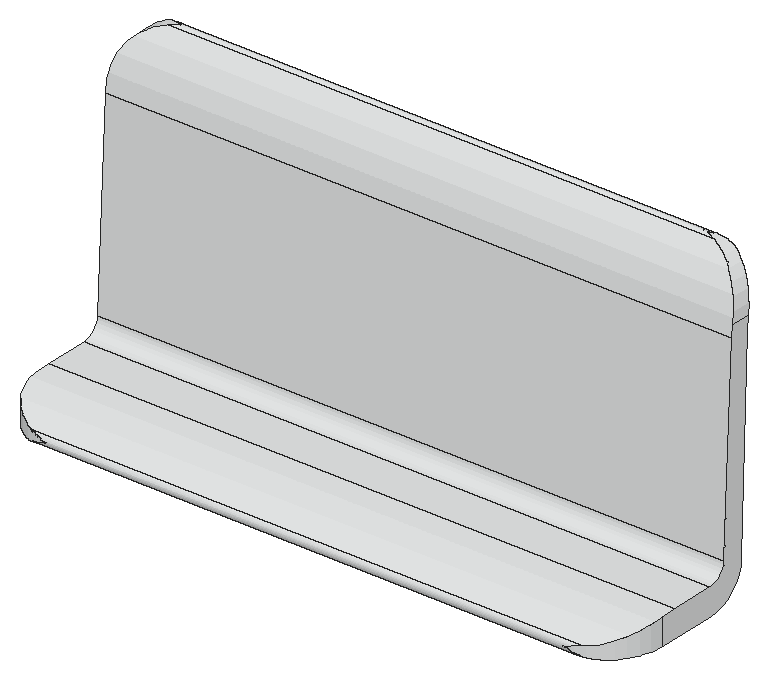
Revit family "Accessory-Shower_Shelf-KOHLER-CHOREOGRAPH-K-97621_1", category Specialty Equipment, host Face, Revit 2017
Family settings
  Host = Face
  Round Connector Dimension = Use Diameter
  Part Type = Normal
  OmniClass Number = 23.31.25.00
  OmniClass Title = Toilet and Bath Specialties
  Cut with Voids When Loaded = No
  Shared = No
  Room Calculation Point = No
Parameters (values of type "SHP-Bright Polished Silver")
  Width = 7"  # constant formula
  WaterSense Certified = 1 = 0  # no
  URL = "https://www.us.kohler.com/us/"
  Type = 1
  Product Page URL = "http://www.us.kohler.com/us/catalog/productDetails.jsp?productId=97621"
  Product Name = "CHOREOGRAPH\r\n"  # constant formula
  Product Documentation Link = "https://www.us.kohler.com/webassets/kpna/catalog/pdf/en/K-97621_spec_US-CA_Kohler_en.pdf"
  Model = if(Type = 1, "K-97621-SHP", if(Type = 2, "K-97621-BNK", if(Type = 3, "K-97621-ABZ", if(Type = 4, "K-97621-BL", "NA"))))  # "K-97621-SHP"
  Material = "Anodized Aluminium"  # constant formula
  Master Format 2014 Name = "Toilet, Bath, and Laundry Accessories"  # constant formula
  Master Format 2014 = "10 28 00"  # constant formula
  Manufacturer Address = "444 Highland Dr, Kohler, WI 53044"  # constant formula
  Manufacturer = "KOHLER Co."  # constant formula
  Length = 3 99/256"  # constant formula
  Height = 2 55/256"  # constant formula
  Finish = Kohler-Metal-SHP-Bright_Polished_Silver
  Environmental Product Declaration = ""
  Description = "7 Inch floating shower shelf"  # constant formula
  Default Elevation = 42"
  Declare Label = ""
  Date Modified = "09/16/2021"  # constant formula
  Date Created = "09/16/2021"  # constant formula
  Copyright = "Copyright KOHLER Co."  # constant formula
  Contact Us = "https://www.us.kohler.com/us/static/contact.jsp"
  Assembly Code = "C1030200"
  ADA Compliant = 1 = 0  # no
Types (5): name | Type | Model | Finish
  (no name) | 1 | "K-97621-SHP" | Kohler-Metal-SHP-Bright_Polished_Silver
  SHP-Bright Polished Silver | 1 | "K-97621-SHP" | Kohler-Metal-SHP-Bright_Polished_Silver
  BNK-Anodized Brushed Nickel | 2 | "K-97621-BNK" | Kohler-Metal-BNK-Anodized_Brushed_Nickel
  ABZ-Anodized Dark Bronze | 3 | "K-97621-ABZ" | Kohler-Metal-ABZ-Anodized_Dark_Bronze
  BL-Matte Black | 4 | "K-97621-BL" | Kohler-Metal-BL-Matte_Black
Reference planes (in)
  plane 1 "Center (Front/Back)": y = 0
  plane 2: z = 0
  plane 3 "Center (Left/Right)": x = 0
  plane 4: x = 3.5
  plane 5: x = -3.5
  plane 6: y = 2.21484
  plane 7: z = 3.38672
  plane 8: y = 2.00909
Dimensions and locks (in)
  "Width": plane 5 to plane 4
  "Height": plane 1 "Center (Front/Back)" to plane 6
  "Length": level to plane 7
  aligned and locked: plane 2 to host face
  aligned and locked: level to host face
Automatic sketch dimensions
  host sketch curve to host sketch curve = 96"  (x2)
Nested families (in)
  nested 1: "K-97621" at (0, 2.23056, 0) x (-1, 0, 0) z (0, 0, 1), type "K-97621"
Definition of nested family "K-97621"
  Parameters (values of type "K-97621")
    Material = none
  Reference planes (in)
    plane 1 "Center (Front/Back)": y = 0.01616
    plane 2: z = 0
    plane 3 "Center (Left/Right)": x = 0
    plane 4: x = 3.5
    plane 5: x = -3.5
    plane 6: y = 2.22934
    plane 7: y = 0.22146
    plane 8: z = 3.38583
  Forms (in)
    Extrusion 1, solid, material <- "Material", detail levels medium+fine
      sketch origin (0, 2.43575, 0) x (0, -1, 0) y (0, 0, 1)
        loop
          line (0.26986, 0) -> (1.50899, 0)
          arc (1.50899, 0) -> (1.80288, 0.11874) -> (1.93181, 0.40831) r 0.42307
          line (1.93181, 0.40831) -> (2.00992, 2.64508)
          arc (2.00992, 2.64508) -> (2.06553, 2.98069) -> (2.20512, 3.29092) r 1.31913
          arc (2.20512, 3.29092) -> (2.19006, 3.37292) -> (2.10694, 3.36641) r 0.06225
          arc (2.10694, 3.36641) -> (1.89196, 3.0399) -> (1.80322, 2.65917) r 1.11238
          line (1.80322, 2.65917) -> (1.68892, 0.47813)
          arc (1.68892, 0.47813) -> (1.6306, 0.35162) -> (1.50121, 0.3) r 0.18797
          line (1.50121, 0.3) -> (1.00414, 0.3)
          arc (1.00414, 0.3) -> (0.61243, 0.25463) -> (0.24146, 0.12092) r 1.71359
          arc (0.24146, 0.12092) -> (0.20775, 0.04921) -> (0.26986, 0) r 0.06379
      from -3.5 to 3.5
    Extrusion 2, void
      sketch origin (0, 2.43575, -0.33219) x (-1, 0, 0) y (0, 0, 1)
        loop
          arc (-3.5, 3.12293) -> (-3.3257, 3.54372) -> (-2.90492, 3.71801) r 0.59508
          line (-2.90492, 3.71801) -> (-3.65492, 3.71801) -> (-3.65492, 3.12293) -> (-3.5, 3.12293)
        loop
          line (3.5, 3.12293) -> (3.70723, 3.12293) -> (3.70723, 3.71801) -> (2.90492, 3.71801)
          arc (2.90492, 3.71801) -> (3.3257, 3.54372) -> (3.5, 3.12293) r 0.59508
      from -2.50197 to -1.5671
    Extrusion 3, void
      sketch origin (0, 2.43575, 0) x (-1, 0, 0) y (0, -1, 0)
        loop
          arc (-2.88674, 0.20565) -> (-3.32038, 0.38527) -> (-3.5, 0.81891) r 0.61326
          line (-3.5, 0.81891) -> (-4, 0.81891) -> (-4, -0.18109) -> (-2.88674, -0.18109) -> (-2.88674, 0.20565)
        loop
          line (2.88674, 0.20565) -> (2.88674, -0.18109) -> (4.06357, -0.18109) -> (4.06357, 0.81891) -> (3.5, 0.81891)
          arc (3.5, 0.81891) -> (3.32038, 0.38527) -> (2.88674, 0.20565) r 0.61326
      from -0.1425 to 0.39189
    Sweep 4, solid, material <- "Material", detail levels medium+fine
      path origin (0, 2.43575, 0) x (0, -1, 0) y (0, 0, 1)
        loop
          line (2.0428, 2.89525) -> (1.93575, 0.41271)
      profile origin (0, 0.50001, 0.41271) x (0, -0.999072, -0.043082) y (-1, 0, 0)
        loop
          arc (0.30266, 1.99203) -> (0.28488, 1.9965) -> (0.26895, 1.98741) r 0.02457
          line (0.26895, 1.98741) -> (0.02888, 1.68425)
          arc (0.02888, 1.68425) -> (-0.00012, 1.60017) -> (0.02979, 1.51641) r 0.13426
          line (0.02979, 1.51641) -> (0.27127, 1.2182)
          arc (0.27127, 1.2182) -> (0.27747, 1.20071) -> (0.27127, 1.18321) r 0.02781
          line (0.27127, 1.18321) -> (0.02937, 0.88448)
          arc (0.02937, 0.88448) -> (-0.00047, 0.80022) -> (0.02937, 0.71596) r 0.13389
          line (0.02937, 0.71596) -> (0.27077, 0.41785)
          arc (0.27077, 0.41785) -> (0.27704, 0.40014) -> (0.27077, 0.38243) r 0.02815
          line (0.27077, 0.38243) -> (0.03006, 0.08517)
          arc (0.03006, 0.08517) -> (-0.0001, 0) -> (0.03006, -0.08517) r 0.13534
          line (0.03006, -0.08517) -> (0.27077, -0.38243)
          arc (0.27077, -0.38243) -> (0.27704, -0.40014) -> (0.27077, -0.41785) r 0.02815
          line (0.27077, -0.41785) -> (0.02937, -0.71596)
          arc (0.02937, -0.71596) -> (-0.00047, -0.80022) -> (0.02937, -0.88448) r 0.13389
          line (0.02937, -0.88448) -> (0.27127, -1.18321)
          arc (0.27127, -1.18321) -> (0.27747, -1.20071) -> (0.27127, -1.2182) r 0.02781
          line (0.27127, -1.2182) -> (0.02979, -1.51641)
          arc (0.02979, -1.51641) -> (-0.00012, -1.60017) -> (0.02888, -1.68425) r 0.13426
          line (0.02888, -1.68425) -> (0.26895, -1.98741)
          arc (0.26895, -1.98741) -> (0.28488, -1.9965) -> (0.30266, -1.99203) r 0.02457
          line (0.30266, -1.99203) -> (0.33248, -1.97034)
          arc (0.33248, -1.97034) -> (0.34069, -1.95693) -> (0.33701, -1.94164) r 0.02054
          line (0.33701, -1.94164) -> (0.1009, -1.61703)
          arc (0.1009, -1.61703) -> (0.09574, -1.60042) -> (0.10176, -1.58409) r 0.02705
          line (0.10176, -1.58409) -> (0.34989, -1.27767)
          arc (0.34989, -1.27767) -> (0.37715, -1.20071) -> (0.34989, -1.12374) r 0.1223
          line (0.34989, -1.12374) -> (0.10201, -0.81762)
          arc (0.10201, -0.81762) -> (0.09584, -0.80022) -> (0.10201, -0.78281) r 0.02766
          line (0.10201, -0.78281) -> (0.35001, -0.47655)
          arc (0.35001, -0.47655) -> (0.37707, -0.40014) -> (0.35001, -0.32373) r 0.12141
          line (0.35001, -0.32373) -> (0.10243, -0.01799)
          arc (0.10243, -0.01799) -> (0.09606, 0) -> (0.10243, 0.01799) r 0.02858
          line (0.10243, 0.01799) -> (0.35001, 0.32373)
          arc (0.35001, 0.32373) -> (0.37707, 0.40014) -> (0.35001, 0.47655) r 0.12141
          line (0.35001, 0.47655) -> (0.10201, 0.78281)
          arc (0.10201, 0.78281) -> (0.09584, 0.80022) -> (0.10201, 0.81762) r 0.02766
          line (0.10201, 0.81762) -> (0.34989, 1.12374)
          arc (0.34989, 1.12374) -> (0.37715, 1.20071) -> (0.34989, 1.27767) r 0.1223
          line (0.34989, 1.27767) -> (0.10176, 1.58409)
          arc (0.10176, 1.58409) -> (0.09574, 1.60042) -> (0.1009, 1.61703) r 0.02705
          line (0.1009, 1.61703) -> (0.33701, 1.94164)
          arc (0.33701, 1.94164) -> (0.34069, 1.95693) -> (0.33248, 1.97034) r 0.02054
          line (0.33248, 1.97034) -> (0.30266, 1.99203)
    Extrusion 5, solid, material <- "Material", detail levels coarse
      sketch origin (0, 0, 0) x (0, 1, 0) y (0, 0, 1)
        loop
          line (2.22934, 0) -> (2.22934, 0.30052) -> (0.7661, 0.30052) -> (0.63306, 3.38583) -> (0.37161, 3.38583) -> (0.51762, 0) -> (2.22934, 0)
      from -3.5 to 3.5
    Extrusion 6, solid, material <- "Material", detail levels coarse
      sketch origin (0, 0, 0) x (0, 1, 0) y (0, 0, 1)
        loop
          line (0.01616, 2.87901) -> (0.12321, 0.39647) -> (0.49982, 0.41271) -> (0.39277, 2.89525) -> (0.01616, 2.87901)
      from -2.00195 to 1.99914
  Cuts and joins
    Extrusion 2, Extrusion 3 cuts Extrusion 1
    joined: Extrusion 5, Extrusion 6
  Lines and regions (in)
    Masking region 1
      outline origin (0, 0, 0) x (0, 1, 0) y (0, 0, 1)
        loop
          arc (0.63268, 2.65926) -> (0.62459, 2.74692) -> (0.60961, 2.83366) r 1.11238
          spline (0.60961, 2.83366) -> (0.59544, 2.89215) -> (0.57846, 2.94876) -> (0.55882, 3.00349) -> (0.53682, 3.05609) -> (0.51291, 3.10607) -> (0.48749, 3.1531) -> (0.46097, 3.19704) -> (0.43383, 3.23778) -> (0.40656, 3.27512) -> (0.37973, 3.30892) -> (0.35387, 3.33912) -> (0.32925, 3.36594)
          arc (0.32925, 3.36594) -> (0.24598, 3.37314) -> (0.23059, 3.29099) r 0.06225
          arc (0.23059, 3.29099) -> (0.32675, 3.09985) -> (0.3893, 2.89524) r 1.26394
          line (0.3893, 2.89524) -> (0.01615, 2.87915) -> (0.12321, 0.39647) -> (0.50047, 0.41273) -> (0.39435, 2.8737)
          arc (0.39435, 2.8737) -> (0.40013, 2.84682) -> (0.40535, 2.81983) r 1.31913
          arc (0.40535, 2.81983) -> (0.41914, 2.7248) -> (0.42598, 2.62903) r 1.31913
          line (0.42598, 2.62903) -> (0.50353, 0.40831)
          arc (0.50353, 0.40831) -> (0.63245, 0.11874) -> (0.92635, 0) r 0.42307
          line (0.92635, 0) -> (1.66755, 0) -> (2.16705, 0)
          arc (2.16705, 0) -> (2.22934, 0.05002) -> (2.19395, 0.12164) r 0.06379
          spline (2.19395, 0.12164) -> (2.16706, 0.13788) -> (2.13672, 0.15388) -> (2.1031, 0.16955) -> (2.06644, 0.18478) -> (2.02696, 0.19947) -> (1.98492, 0.21353) -> (1.9406, 0.22686) -> (1.89427, 0.23939) -> (1.84624, 0.25103) -> (1.79681, 0.26171) -> (1.74631, 0.27135) -> (1.69504, 0.27981)
          arc (1.69504, 0.27981) -> (1.56429, 0.29494) -> (1.43276, 0.3) r 1.71359
          line (1.43276, 0.3) -> (0.93469, 0.3)
          arc (0.93469, 0.3) -> (0.80531, 0.35162) -> (0.74698, 0.47813) r 0.18797
          line (0.74698, 0.47813) -> (0.63268, 2.65926)
    Masking region 2
      outline origin (0, 0, 0) x (1, 0, 0) y (0, 1, 0)
        loop
          line (-3.5, 1.61684) -> (-3.5, 0.40151)
          spline (-3.5, 0.40151) -> (-3.49702, 0.3906) -> (-3.49114, 0.37889) -> (-3.48239, 0.36641) -> (-3.47081, 0.35323) -> (-3.45645, 0.33942) -> (-3.43939, 0.32504) -> (-3.4197, 0.31015) -> (-3.39748, 0.29483) -> (-3.37284, 0.27915) -> (-3.34588, 0.26319) -> (-3.31674, 0.24702) -> (-3.28556, 0.23071)
          arc (-3.28556, 0.23071) -> (-3.26489, 0.22392) -> (-3.24326, 0.22162) r 0.10298
          line (-3.24326, 0.22162) -> (-1.99672, 0.22162) -> (-1.99672, 0.08087) -> (-1.97033, 0.04461)
          spline (-1.97033, 0.04461) -> (-1.96866, 0.0426) -> (-1.96674, 0.04082) -> (-1.96462, 0.03929) -> (-1.96232, 0.03805) -> (-1.95988, 0.03711) -> (-1.95734, 0.03648) -> (-1.95474, 0.03619) -> (-1.95212, 0.03622) -> (-1.94953, 0.03659) -> (-1.94701, 0.03729) -> (-1.94459, 0.0383) -> (-1.94233, 0.0396)
          line (-1.94233, 0.0396) -> (-1.69231, 0.22162) -> (-1.49799, 0.22162) -> (-1.27747, 0.04321)
          arc (-1.27747, 0.04321) -> (-1.20071, 0.01605) -> (-1.12394, 0.04321) r 0.12205
          line (-1.12394, 0.04321) -> (-0.90342, 0.22162) -> (-0.6971, 0.22162) -> (-0.47655, 0.04319)
          spline (-0.47655, 0.04319) -> (-0.46538, 0.03515) -> (-0.45336, 0.02843) -> (-0.44067, 0.02311) -> (-0.42745, 0.01926) -> (-0.41388, 0.01694) -> (-0.40014, 0.01616) -> (-0.3864, 0.01694) -> (-0.37283, 0.01926) -> (-0.35961, 0.02311) -> (-0.34692, 0.02843) -> (-0.3349, 0.03515) -> (-0.32373, 0.04319)
          line (-0.32373, 0.04319) -> (-0.10318, 0.22162) -> (0.10318, 0.22162) -> (0.32373, 0.04319)
          spline (0.32373, 0.04319) -> (0.3349, 0.03515) -> (0.34692, 0.02843) -> (0.35961, 0.02311) -> (0.37283, 0.01926) -> (0.3864, 0.01694) -> (0.40014, 0.01616) -> (0.41388, 0.01694) -> (0.42745, 0.01926) -> (0.44067, 0.02311) -> (0.45336, 0.02843) -> (0.46538, 0.03515) -> (0.47655, 0.04319)
          line (0.47655, 0.04319) -> (0.6971, 0.22162) -> (0.90334, 0.22162) -> (1.12374, 0.04331)
          spline (1.12374, 0.04331) -> (1.13499, 0.03522) -> (1.14709, 0.02845) -> (1.15988, 0.02309) -> (1.17319, 0.01921) -> (1.18686, 0.01687) -> (1.20071, 0.01608) -> (1.21455, 0.01687) -> (1.22822, 0.01921) -> (1.24153, 0.02309) -> (1.25432, 0.02845) -> (1.26642, 0.03522) -> (1.27767, 0.04331)
          line (1.27767, 0.04331) -> (1.49807, 0.22162) -> (1.69185, 0.22162) -> (1.94164, 0.0401)
          spline (1.94164, 0.0401) -> (1.94391, 0.03867) -> (1.94635, 0.03754) -> (1.94892, 0.03675) -> (1.95157, 0.03629) -> (1.95425, 0.03618) -> (1.95693, 0.03643) -> (1.95955, 0.03702) -> (1.96207, 0.03795) -> (1.96445, 0.0392) -> (1.96664, 0.04074) -> (1.96862, 0.04256) -> (1.97034, 0.04463)
          line (1.97034, 0.04463) -> (1.99672, 0.08087) -> (1.99672, 0.22162) -> (3.23793, 0.22162)
          arc (3.23793, 0.22162) -> (3.26218, 0.22391) -> (3.28557, 0.2307) r 0.12958
          spline (3.28557, 0.2307) -> (3.3164, 0.24898) -> (3.34526, 0.26683) -> (3.37201, 0.28414) -> (3.39651, 0.30084) -> (3.41864, 0.31685) -> (3.43831, 0.33208) -> (3.45541, 0.34647) -> (3.46987, 0.35994) -> (3.4816, 0.37242) -> (3.49056, 0.38387) -> (3.49671, 0.39422) -> (3.5, 0.40342)
          line (3.5, 0.40342) -> (3.5, 1.61684)
          arc (3.5, 1.61684) -> (3.3311, 2.03949) -> (2.91744, 2.22934) r 0.61326
          line (2.91744, 2.22934) -> (-2.91744, 2.22934)
          arc (-2.91744, 2.22934) -> (-3.3311, 2.03949) -> (-3.5, 1.61684) r 0.61326
    Masking region 3
      outline origin (0, 0.01616, 0) x (1, 0, 0) y (0, 0, 1)
        loop
          line (-3.5, 2.79074) -> (-3.5, 0) -> (3.5, 0) -> (3.5, 2.79074)
          arc (3.5, 2.79074) -> (3.3257, 3.21153) -> (2.90492, 3.38583) r 0.59508
          line (2.90492, 3.38583) -> (-2.90492, 3.38583)
          arc (-2.90492, 3.38583) -> (-3.3257, 3.21153) -> (-3.5, 2.79074) r 0.59508
    symbolic lines, detail levels medium+fine
      curve 1: line (0, 0.1241, 2.88707) -> (0, 0.2313, 0.40113)
      curve 2: line (-1.99203, 0.07442, 0) -> (-1.97034, 0.04463, 0)
      curve 3: spline (-1.97034, 0.04463, 0) -> (-1.96862, 0.04256, 0) -> (-1.96664, 0.04074, 0) -> (-1.96445, 0.0392, 0) -> (-1.96207, 0.03795, 0) -> (-1.95955, 0.03702, 0) -> (-1.95693, 0.03643, 0) -> (-1.95425, 0.03618, 0) -> (-1.95157, 0.03629, 0) -> (-1.94892, 0.03675, 0) -> (-1.94635, 0.03754, 0) -> (-1.94391, 0.03867, 0) -> (-1.94164, 0.0401, 0)
      curve 4: line (-1.94164, 0.0401, 0) -> (-1.69185, 0.22162, 0)
      curve 5: spline (1.99203, 0.07442, 0) -> (1.9937, 0.07706, 0) -> (1.99503, 0.07989, 0) -> (1.99598, 0.08287, 0) -> (1.99655, 0.08594, 0) -> (1.99672, 0.08906, 0) -> (1.9965, 0.09218, 0) -> (1.99588, 0.09525, 0) -> (1.99487, 0.09821, 0) -> (1.99349, 0.10102, 0) -> (1.99177, 0.10363, 0) -> (1.98973, 0.106, 0) -> (1.98741, 0.10809, 0)
      curve 6: line (1.98741, 0.10809, 0) -> (1.84392, 0.22162, 0)
      curve 7: line (1.36139, 0.22162, 0) -> (1.2182, 0.10578, 0)
      curve 8: spline (1.2182, 0.10578, 0) -> (1.21565, 0.10394, 0) -> (1.2129, 0.1024, 0) -> (1.20999, 0.10118, 0) -> (1.20696, 0.1003, 0) -> (1.20385, 0.09976, 0) -> (1.20071, 0.09959, 0) -> (1.19756, 0.09976, 0) -> (1.19445, 0.1003, 0) -> (1.19142, 0.10118, 0) -> (1.18852, 0.1024, 0) -> (1.18576, 0.10394, 0) -> (1.18321, 0.10578, 0)
      curve 9: line (1.18321, 0.10578, 0) -> (1.04002, 0.22162, 0)
      curve 10: line (0.56042, 0.22162, 0) -> (0.41785, 0.10628, 0)
      curve 11: spline (0.41785, 0.10628, 0) -> (0.41526, 0.10442, 0) -> (0.41248, 0.10286, 0) -> (0.40954, 0.10163, 0) -> (0.40647, 0.10073, 0) -> (0.40333, 0.10019, 0) -> (0.40014, 0.10001, 0) -> (0.39695, 0.10019, 0) -> (0.39381, 0.10073, 0) -> (0.39075, 0.10163, 0) -> (0.3878, 0.10286, 0) -> (0.38502, 0.10442, 0) -> (0.38243, 0.10628, 0)
      curve 12: line (0.38243, 0.10628, 0) -> (0.23664, 0.22162, 0)
      curve 13: line (-0.23986, 0.22162, 0) -> (-0.38243, 0.10628, 0)
      curve 14: spline (-0.38243, 0.10628, 0) -> (-0.38502, 0.10442, 0) -> (-0.3878, 0.10286, 0) -> (-0.39075, 0.10163, 0) -> (-0.39381, 0.10073, 0) -> (-0.39695, 0.10019, 0) -> (-0.40014, 0.10001, 0) -> (-0.40333, 0.10019, 0) -> (-0.40647, 0.10073, 0) -> (-0.40954, 0.10163, 0) -> (-0.41248, 0.10286, 0) -> (-0.41526, 0.10442, 0) -> (-0.41785, 0.10628, 0)
      curve 15: line (-0.41785, 0.10628, 0) -> (-0.56042, 0.22162, 0)
      curve 16: line (-1.04002, 0.22162, 0) -> (-1.18321, 0.10578, 0)
      curve 17: spline (-1.18321, 0.10578, 0) -> (-1.18576, 0.10394, 0) -> (-1.18852, 0.1024, 0) -> (-1.19142, 0.10118, 0) -> (-1.19445, 0.1003, 0) -> (-1.19756, 0.09976, 0) -> (-1.20071, 0.09959, 0) -> (-1.20385, 0.09976, 0) -> (-1.20696, 0.1003, 0) -> (-1.20999, 0.10118, 0) -> (-1.2129, 0.1024, 0) -> (-1.21565, 0.10394, 0) -> (-1.2182, 0.10578, 0)
      curve 18: line (-1.2182, 0.10578, 0) -> (-1.36139, 0.22162, 0)
      curve 19: line (-1.84392, 0.22162, 0) -> (-1.98741, 0.10809, 0)
      curve 20: spline (-1.98741, 0.10809, 0) -> (-1.98973, 0.106, 0) -> (-1.99177, 0.10363, 0) -> (-1.99349, 0.10102, 0) -> (-1.99487, 0.09821, 0) -> (-1.99588, 0.09525, 0) -> (-1.9965, 0.09218, 0) -> (-1.99672, 0.08906, 0) -> (-1.99655, 0.08594, 0) -> (-1.99598, 0.08287, 0) -> (-1.99503, 0.07989, 0) -> (-1.9937, 0.07706, 0) -> (-1.99203, 0.07442, 0)
      curve 21: line (-1.99672, 0.22162, 0) -> (1.99672, 0.22162, 0)
      curve 22: line (-3.5, 0.60946, 0) -> (-3.16988, 0.32881, 0)
      curve 23: line (-3.16988, 0.32881, 0) -> (3.16988, 0.32881, 0)
      curve 24: line (3.16988, 0.32881, 0) -> (3.5, 0.60946, 0)
      curve 25: line (-3.16988, 0.32881, 0) -> (-3.28564, 0.23063, 0)
      curve 26: line (3.28564, 0.23063, 0) -> (3.16988, 0.32881, 0)
      curve 27: line (-1.99203, 0.01616, 2.88351) -> (-1.99203, 0.01616, 0.39967)
      curve 28: line (1.99203, 0.01616, 0.39967) -> (1.99203, 0.01616, 2.88351)
      curve 29: arc (0, 0.38911, 2.89609) -> (0, 0.39196, 2.88412) -> (0, 0.39471, 2.87212) r 1.40701
      curve 30: line (-3.5, 0.7661, 0) -> (3.5, 0.7661, 0)
      curve 31: line (-1.68425, 0.01616, 2.89401) -> (-1.99203, 0.01616, 2.88351)
      curve 32: line (-1.94164, 0.01616, 2.88074) -> (-1.60023, 0.01616, 2.89143)
      curve 33: spline (-1.51641, 0.01616, 2.89397) -> (-1.52866, 0.01616, 2.89435) -> (-1.54182, 0.01616, 2.89467) -> (-1.55574, 0.01616, 2.89492) -> (-1.57022, 0.01616, 2.89511) -> (-1.5851, 0.01616, 2.89522) -> (-1.60017, 0.01616, 2.89526) -> (-1.61525, 0.01616, 2.89523) -> (-1.63015, 0.01616, 2.89512) -> (-1.64468, 0.01616, 2.89494) -> (-1.65866, 0.01616, 2.8947) -> (-1.6719, 0.01616, 2.89439) -> (-1.68425, 0.01616, 2.89401)
      curve 34: line (-1.60023, 0.01616, 2.89143) -> (-1.27767, 0.01616, 2.88018)
      curve 35: line (-1.20071, 0.01616, 2.88296) -> (-1.51641, 0.01616, 2.89397)
      curve 36: spline (-1.27767, 0.01616, 2.88018) -> (-1.26642, 0.01616, 2.87983) -> (-1.25432, 0.01616, 2.87954) -> (-1.24153, 0.01616, 2.87931) -> (-1.22822, 0.01616, 2.87914) -> (-1.21455, 0.01616, 2.87904) -> (-1.20071, 0.01616, 2.87901) -> (-1.18686, 0.01616, 2.87904) -> (-1.17319, 0.01616, 2.87914) -> (-1.15988, 0.01616, 2.87931) -> (-1.14709, 0.01616, 2.87954) -> (-1.13499, 0.01616, 2.87983) -> (-1.12374, 0.01616, 2.88018)
      curve 37: line (-0.88448, 0.01616, 2.89399) -> (-1.20071, 0.01616, 2.88296)
      curve 38: line (-1.12374, 0.01616, 2.88018) -> (-0.80022, 0.01616, 2.89147)
      curve 39: spline (-0.71596, 0.01616, 2.89399) -> (-0.72828, 0.01616, 2.89437) -> (-0.74152, 0.01616, 2.89469) -> (-0.75552, 0.01616, 2.89494) -> (-0.7701, 0.01616, 2.89513) -> (-0.78506, 0.01616, 2.89524) -> (-0.80022, 0.01616, 2.89527) -> (-0.81538, 0.01616, 2.89524) -> (-0.83034, 0.01616, 2.89513) -> (-0.84491, 0.01616, 2.89494) -> (-0.85891, 0.01616, 2.89469) -> (-0.87216, 0.01616, 2.89437) -> (-0.88448, 0.01616, 2.89399)
      curve 40: line (-0.80022, 0.01616, 2.89147) -> (-0.47655, 0.01616, 2.88018)
      curve 41: line (-0.40014, 0.01616, 2.88297) -> (-0.71596, 0.01616, 2.89399)
      curve 42: spline (-0.47655, 0.01616, 2.88018) -> (-0.46538, 0.01616, 2.87983) -> (-0.45336, 0.01616, 2.87954) -> (-0.44067, 0.01616, 2.87931) -> (-0.42745, 0.01616, 2.87914) -> (-0.41388, 0.01616, 2.87904) -> (-0.40014, 0.01616, 2.87901) -> (-0.3864, 0.01616, 2.87904) -> (-0.37283, 0.01616, 2.87914) -> (-0.35961, 0.01616, 2.87931) -> (-0.34692, 0.01616, 2.87954) -> (-0.3349, 0.01616, 2.87983) -> (-0.32373, 0.01616, 2.88018)
      curve 43: line (-0.32373, 0.01616, 2.88018) -> (0, 0.01616, 2.89147)
      curve 44: line (-0.08517, 0.01616, 2.89396) -> (-0.40014, 0.01616, 2.88297)
      curve 45: spline (0.08517, 0.01616, 2.89396) -> (0.07272, 0.01616, 2.89435) -> (0.05933, 0.01616, 2.89467) -> (0.04518, 0.01616, 2.89492) -> (0.03044, 0.01616, 2.89511) -> (0.01532, 0.01616, 2.89522) -> (0, 0.01616, 2.89526) -> (-0.01532, 0.01616, 2.89522) -> (-0.03044, 0.01616, 2.89511) -> (-0.04518, 0.01616, 2.89492) -> (-0.05933, 0.01616, 2.89467) -> (-0.07272, 0.01616, 2.89435) -> (-0.08517, 0.01616, 2.89396)
      curve 46: line (0, 0.01616, 2.89147) -> (0.32373, 0.01616, 2.88018)
      curve 47: line (0.40014, 0.01616, 2.88297) -> (0.08517, 0.01616, 2.89396)
      curve 48: spline (0.32373, 0.01616, 2.88018) -> (0.3349, 0.01616, 2.87983) -> (0.34692, 0.01616, 2.87954) -> (0.35961, 0.01616, 2.87931) -> (0.37283, 0.01616, 2.87914) -> (0.3864, 0.01616, 2.87904) -> (0.40014, 0.01616, 2.87901) -> (0.41388, 0.01616, 2.87904) -> (0.42745, 0.01616, 2.87914) -> (0.44067, 0.01616, 2.87931) -> (0.45336, 0.01616, 2.87954) -> (0.46538, 0.01616, 2.87983) -> (0.47655, 0.01616, 2.88018)
      curve 49: spline (0.32373, 0.01616, 2.88018) -> (0.3349, 0.01616, 2.87983) -> (0.34692, 0.01616, 2.87954) -> (0.35961, 0.01616, 2.87931) -> (0.37283, 0.01616, 2.87914) -> (0.3864, 0.01616, 2.87904) -> (0.40014, 0.01616, 2.87901) -> (0.41388, 0.01616, 2.87904) -> (0.42745, 0.01616, 2.87914) -> (0.44067, 0.01616, 2.87931) -> (0.45336, 0.01616, 2.87954) -> (0.46538, 0.01616, 2.87983) -> (0.47655, 0.01616, 2.88018)
      curve 50: line (0.47655, 0.01616, 2.88018) -> (0.80022, 0.01616, 2.89147)
      curve 51: line (0.71596, 0.01616, 2.89399) -> (0.40014, 0.01616, 2.88297)
      curve 52: spline (0.88448, 0.01616, 2.89399) -> (0.87216, 0.01616, 2.89437) -> (0.85891, 0.01616, 2.89469) -> (0.84491, 0.01616, 2.89494) -> (0.83034, 0.01616, 2.89513) -> (0.81538, 0.01616, 2.89524) -> (0.80022, 0.01616, 2.89527) -> (0.78506, 0.01616, 2.89524) -> (0.7701, 0.01616, 2.89513) -> (0.75552, 0.01616, 2.89494) -> (0.74152, 0.01616, 2.89469) -> (0.72828, 0.01616, 2.89437) -> (0.71596, 0.01616, 2.89399)
      curve 53: line (0.80022, 0.01616, 2.89147) -> (1.12374, 0.01616, 2.88018)
      curve 54: line (1.20071, 0.01616, 2.88296) -> (0.88448, 0.01616, 2.89399)
      curve 55: spline (1.12374, 0.01616, 2.88018) -> (1.13499, 0.01616, 2.87983) -> (1.14709, 0.01616, 2.87954) -> (1.15988, 0.01616, 2.87931) -> (1.17319, 0.01616, 2.87914) -> (1.18686, 0.01616, 2.87904) -> (1.20071, 0.01616, 2.87901) -> (1.21455, 0.01616, 2.87904) -> (1.22822, 0.01616, 2.87914) -> (1.24153, 0.01616, 2.87931) -> (1.25432, 0.01616, 2.87954) -> (1.26642, 0.01616, 2.87983) -> (1.27767, 0.01616, 2.88018)
      curve 56: line (1.27767, 0.01616, 2.88018) -> (1.60023, 0.01616, 2.89143)
      curve 57: line (1.51641, 0.01616, 2.89397) -> (1.20071, 0.01616, 2.88296)
      curve 58: spline (1.68425, 0.01616, 2.89401) -> (1.6719, 0.01616, 2.89439) -> (1.65866, 0.01616, 2.8947) -> (1.64468, 0.01616, 2.89494) -> (1.63015, 0.01616, 2.89512) -> (1.61525, 0.01616, 2.89523) -> (1.60017, 0.01616, 2.89526) -> (1.5851, 0.01616, 2.89522) -> (1.57022, 0.01616, 2.89511) -> (1.55574, 0.01616, 2.89492) -> (1.54182, 0.01616, 2.89467) -> (1.52866, 0.01616, 2.89435) -> (1.51641, 0.01616, 2.89397)
      curve 59: line (1.99203, 0.01616, 2.88351) -> (1.68425, 0.01616, 2.89401)
      curve 60: line (1.60023, 0.01616, 2.89143) -> (1.94164, 0.01616, 2.88074)
      curve 61: arc (1.94164, 0.01616, 2.88074) -> (1.96686, 0.01616, 2.88073) -> (1.99203, 0.01616, 2.88227) r 0.40798
      curve 62: arc (-1.99203, 0.01616, 2.88097) -> (-1.96684, 0.01616, 2.8804) -> (-1.94164, 0.01616, 2.88074) r 0.69977
      curve 63: line (-1.68425, 0.01616, 0.38917) -> (-1.99203, 0.01616, 0.39967)
      curve 64: line (-1.94164, 0.01616, 0.40245) -> (-1.60023, 0.01616, 0.39175)
      curve 65: spline (-1.51641, 0.01616, 0.38921) -> (-1.52866, 0.01616, 0.38883) -> (-1.54182, 0.01616, 0.38851) -> (-1.55574, 0.01616, 0.38826) -> (-1.57022, 0.01616, 0.38808) -> (-1.5851, 0.01616, 0.38796) -> (-1.60017, 0.01616, 0.38792) -> (-1.61525, 0.01616, 0.38796) -> (-1.63015, 0.01616, 0.38806) -> (-1.64468, 0.01616, 0.38824) -> (-1.65866, 0.01616, 0.38849) -> (-1.6719, 0.01616, 0.3888) -> (-1.68425, 0.01616, 0.38917)
      curve 66: line (-1.60023, 0.01616, 0.39175) -> (-1.27767, 0.01616, 0.403)
      curve 67: line (-1.20071, 0.01616, 0.40023) -> (-1.51641, 0.01616, 0.38921)
      curve 68: spline (-1.27767, 0.01616, 0.403) -> (-1.26642, 0.01616, 0.40335) -> (-1.25432, 0.01616, 0.40364) -> (-1.24153, 0.01616, 0.40388) -> (-1.22822, 0.01616, 0.40404) -> (-1.21455, 0.01616, 0.40414) -> (-1.20071, 0.01616, 0.40418) -> (-1.18686, 0.01616, 0.40414) -> (-1.17319, 0.01616, 0.40404) -> (-1.15988, 0.01616, 0.40388) -> (-1.14709, 0.01616, 0.40364) -> (-1.13499, 0.01616, 0.40335) -> (-1.12374, 0.01616, 0.403)
      curve 69: line (-0.88448, 0.01616, 0.3892) -> (-1.20071, 0.01616, 0.40023)
      curve 70: line (-1.12374, 0.01616, 0.403) -> (-0.80022, 0.01616, 0.39172)
      curve 71: spline (-0.71596, 0.01616, 0.3892) -> (-0.72828, 0.01616, 0.38881) -> (-0.74152, 0.01616, 0.38849) -> (-0.75552, 0.01616, 0.38824) -> (-0.7701, 0.01616, 0.38806) -> (-0.78506, 0.01616, 0.38795) -> (-0.80022, 0.01616, 0.38791) -> (-0.81538, 0.01616, 0.38795) -> (-0.83034, 0.01616, 0.38806) -> (-0.84491, 0.01616, 0.38824) -> (-0.85891, 0.01616, 0.38849) -> (-0.87216, 0.01616, 0.38881) -> (-0.88448, 0.01616, 0.3892)
      curve 72: line (-0.80022, 0.01616, 0.39172) -> (-0.47655, 0.01616, 0.40301)
      curve 73: line (-0.40014, 0.01616, 0.40021) -> (-0.71596, 0.01616, 0.3892)
      curve 74: spline (-0.47655, 0.01616, 0.40301) -> (-0.46538, 0.01616, 0.40336) -> (-0.45336, 0.01616, 0.40365) -> (-0.44067, 0.01616, 0.40387) -> (-0.42745, 0.01616, 0.40404) -> (-0.41388, 0.01616, 0.40414) -> (-0.40014, 0.01616, 0.40417) -> (-0.3864, 0.01616, 0.40414) -> (-0.37283, 0.01616, 0.40404) -> (-0.35961, 0.01616, 0.40387) -> (-0.34692, 0.01616, 0.40365) -> (-0.3349, 0.01616, 0.40336) -> (-0.32373, 0.01616, 0.40301)
      curve 75: line (-0.32373, 0.01616, 0.40301) -> (0, 0.01616, 0.39172)
      curve 76: line (-0.08517, 0.01616, 0.38922) -> (-0.40014, 0.01616, 0.40021)
      curve 77: spline (0.08517, 0.01616, 0.38922) -> (0.07272, 0.01616, 0.38884) -> (0.05933, 0.01616, 0.38852) -> (0.04518, 0.01616, 0.38826) -> (0.03044, 0.01616, 0.38807) -> (0.01532, 0.01616, 0.38796) -> (0, 0.01616, 0.38793) -> (-0.01532, 0.01616, 0.38796) -> (-0.03044, 0.01616, 0.38807) -> (-0.04518, 0.01616, 0.38826) -> (-0.05933, 0.01616, 0.38852) -> (-0.07272, 0.01616, 0.38884) -> (-0.08517, 0.01616, 0.38922)
      curve 78: line (0, 0.01616, 0.39172) -> (0.32373, 0.01616, 0.40301)
      curve 79: line (0.40014, 0.01616, 0.40021) -> (0.08517, 0.01616, 0.38922)
      curve 80: spline (0.32373, 0.01616, 0.40301) -> (0.3349, 0.01616, 0.40336) -> (0.34692, 0.01616, 0.40365) -> (0.35961, 0.01616, 0.40387) -> (0.37283, 0.01616, 0.40404) -> (0.3864, 0.01616, 0.40414) -> (0.40014, 0.01616, 0.40417) -> (0.41388, 0.01616, 0.40414) -> (0.42745, 0.01616, 0.40404) -> (0.44067, 0.01616, 0.40387) -> (0.45336, 0.01616, 0.40365) -> (0.46538, 0.01616, 0.40336) -> (0.47655, 0.01616, 0.40301)
      curve 81: spline (0.32373, 0.01616, 0.40301) -> (0.3349, 0.01616, 0.40336) -> (0.34692, 0.01616, 0.40365) -> (0.35961, 0.01616, 0.40387) -> (0.37283, 0.01616, 0.40404) -> (0.3864, 0.01616, 0.40414) -> (0.40014, 0.01616, 0.40417) -> (0.41388, 0.01616, 0.40414) -> (0.42745, 0.01616, 0.40404) -> (0.44067, 0.01616, 0.40387) -> (0.45336, 0.01616, 0.40365) -> (0.46538, 0.01616, 0.40336) -> (0.47655, 0.01616, 0.40301)
      curve 82: line (0.47655, 0.01616, 0.40301) -> (0.80022, 0.01616, 0.39172)
      curve 83: line (0.71596, 0.01616, 0.3892) -> (0.40014, 0.01616, 0.40021)
      curve 84: spline (0.88448, 0.01616, 0.3892) -> (0.87216, 0.01616, 0.38881) -> (0.85891, 0.01616, 0.38849) -> (0.84491, 0.01616, 0.38824) -> (0.83034, 0.01616, 0.38806) -> (0.81538, 0.01616, 0.38795) -> (0.80022, 0.01616, 0.38791) -> (0.78506, 0.01616, 0.38795) -> (0.7701, 0.01616, 0.38806) -> (0.75552, 0.01616, 0.38824) -> (0.74152, 0.01616, 0.38849) -> (0.72828, 0.01616, 0.38881) -> (0.71596, 0.01616, 0.3892)
      curve 85: line (0.80022, 0.01616, 0.39172) -> (1.12374, 0.01616, 0.403)
      curve 86: line (1.20071, 0.01616, 0.40023) -> (0.88448, 0.01616, 0.3892)
      curve 87: spline (1.12374, 0.01616, 0.403) -> (1.13499, 0.01616, 0.40335) -> (1.14709, 0.01616, 0.40364) -> (1.15988, 0.01616, 0.40388) -> (1.17319, 0.01616, 0.40404) -> (1.18686, 0.01616, 0.40414) -> (1.20071, 0.01616, 0.40418) -> (1.21455, 0.01616, 0.40414) -> (1.22822, 0.01616, 0.40404) -> (1.24153, 0.01616, 0.40388) -> (1.25432, 0.01616, 0.40364) -> (1.26642, 0.01616, 0.40335) -> (1.27767, 0.01616, 0.403)
      curve 88: line (1.27767, 0.01616, 0.403) -> (1.60023, 0.01616, 0.39175)
      curve 89: line (1.51641, 0.01616, 0.38921) -> (1.20071, 0.01616, 0.40023)
      curve 90: spline (1.68425, 0.01616, 0.38917) -> (1.6719, 0.01616, 0.3888) -> (1.65866, 0.01616, 0.38849) -> (1.64468, 0.01616, 0.38824) -> (1.63015, 0.01616, 0.38806) -> (1.61525, 0.01616, 0.38796) -> (1.60017, 0.01616, 0.38792) -> (1.5851, 0.01616, 0.38796) -> (1.57022, 0.01616, 0.38808) -> (1.55574, 0.01616, 0.38826) -> (1.54182, 0.01616, 0.38851) -> (1.52866, 0.01616, 0.38883) -> (1.51641, 0.01616, 0.38921)
      curve 91: line (2.001, 0.01616, 0.39998) -> (1.68425, 0.01616, 0.38917)
      curve 92: line (1.60023, 0.01616, 0.39175) -> (1.94164, 0.01616, 0.40245)
      curve 93: arc (1.94164, 0.01616, 0.40245) -> (1.97137, 0.01616, 0.4023) -> (2.001, 0.01616, 0.39998) r 0.40798
      curve 94: arc (-1.99203, 0.01616, 0.40221) -> (-1.96684, 0.01616, 0.40278) -> (-1.94164, 0.01616, 0.40245) r 0.69977
      curve 95: line (-1.60023, 0.01616, 2.89143) -> (-1.60023, 0.01616, 0.39175)
      curve 96: line (-1.43895, 0.01616, 2.88581) -> (-1.43895, 0.01616, 0.39738)
      curve 97: line (-0.81665, 0.01616, 2.89089) -> (-0.81665, 0.01616, 0.39229)
      curve 98: line (-0.65537, 0.01616, 2.88641) -> (-0.65537, 0.01616, 0.39677)
      curve 99: line (-0.03307, 0.01616, 2.89032) -> (-0.03307, 0.01616, 0.39287)
      curve 100: line (0.12821, 0.01616, 2.887) -> (0.12821, 0.01616, 0.39619)
      curve 101: line (0.75051, 0.01616, 2.88973) -> (0.75051, 0.01616, 0.39345)
      curve 102: line (0.91179, 0.01616, 2.88757) -> (0.91179, 0.01616, 0.39561)
      curve 103: line (1.53409, 0.01616, 2.88913) -> (1.53409, 0.01616, 0.39406)
      curve 104: line (1.69537, 0.01616, 2.88845) -> (1.69537, 0.01616, 0.39473)
      curve 105: line (3.5, 1.61684, 0) -> (-3.5, 1.61684, 0)
  Dimensions and locks (in)
    plane 8 to level = 3.38583"  (x2)
    plane 7 to plane 6 = 2.00787"
    plane 6 to plane 1 "Center (Front/Back)" = 2.21318"
    plane 5 to plane 4 = 7"
    aligned and locked: plane 2 to level
